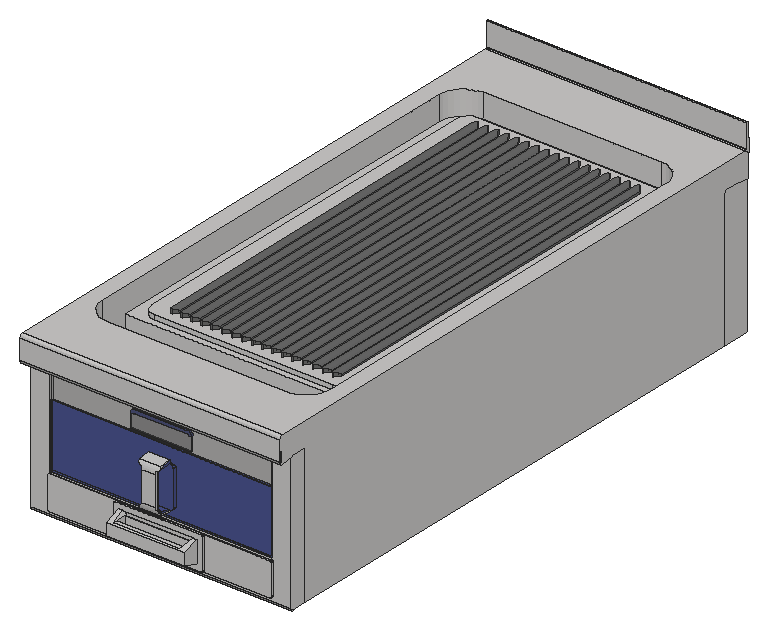
Revit family "QF_ELECTROLUXPROFESSIONAL_589097_MCHNABDOAO", category Specialty Equipment, Revit 2018
Family settings
  Round Connector Dimension = Use Diameter
  Part Type = Normal
  Work Plane-Based = No
  Always vertical = Yes
  Cut with Voids When Loaded = No
  Shared = No
  Room Calculation Point = No
Parameters
  Weight in Pounds = 152.1
  Watts = 5100 VA  # 5100 W
  Volts = 400 V  # constant formula
  URL Cutsheet = ""
  Type Mark [instance] = ""
  Status [instance] = ""
  Specification by User [instance] = ""
  Specification by Manufacturer = ""
  Show Clearance [instance] = yes
  Serial Number = ""
  Seismic Rating = ""
  SMACNA No = ""
  Revision Code [instance] = ""
  Phase = 3  # constant formula
  Omniclass Number and Title = ""
  Number of Poles [instance] = 1
  NAFEM Spec ID Number = ""
  Model = "589097"
  Min Ckt Ampacity = 0 A
  Max Overcurrent Protection = 0 A
  Masterspec = ""
  Manufacturer = "ELECTROLUX"
  Item Number [instance] = ""
  Installed By [instance] = ""
  Identify Quantity as Lot [instance] = yes
  HP = "6.8 HP"
  Furnished By [instance] = ""
  Foodservice Equipment Identifier [instance] = yes
  FL Amps [instance] = if(Phase = 3, Watts / (Volts * 1.73), Watts / Volts)  # 7.36994 A
  Electrical Remarks = "400 V/3N ph/50/60 Hz"  # constant formula
  Electric Connection Type [instance] = ""
  Elec Conn RI Height [instance] = 0 mm
  Elec Conn Connection Height [instance] = 0 mm
  Direct Waste Size = 0"
  Description = "EL.FRYTOP,RIBBED PL,1S,BSPL,400X900X250"
  Cycle [instance] = if([60 Hertz Option], 60 Hz, 50 Hz)  # 60 Hz
  Conn Plug = ""
  Conn Conduit = yes
  CSI MasterFormat = ""
  CSI Master Format = ""
  Apparent Power [instance] = if(Phase = 3, Volts * FL Amps * 1.73, Volts * FL Amps)  # 5100 VA
  60 Hertz Option [instance] = not([50 Hertz Option])  # yes
  50 Hertz Option [instance] = no
Reference planes
  plane 1 "BACK": y = 0
  plane 2: z = 0
  plane 3 "LEFT": x = 0
  plane 4 "RIGHT": x = 400
  plane 5 "FRONT": y = -900
  plane 6 "TOP": z = 250
  plane 7: x = 200
  plane 8: y = -450
  plane 9: y = -1330
Forms (mm)
  Extrusion 1, solid, material "QF_Finishes_Stainless Steel"
    sketch origin (0, -487.128, 0) x (0, 1, 0) y (0, 0, 1)
      loop
        line (483.128, 250) -> (-408.872, 250)
        arc (-408.872, 250) -> (-411.7, 248.828) -> (-412.872, 246) r 4
        line (-412.872, 246) -> (-412.872, 214)
        arc (-412.872, 214) -> (-411.443, 210.936) -> (-408.177, 210.061) r 4
        line (-408.177, 210.061) -> (-391.509, 213) -> (-366.872, 213) -> (-366.872, 0) -> (441.128, 0) -> (441.128, 213) -> (465.765, 213) -> (482.433, 210.061)
        arc (482.433, 210.061) -> (485.699, 210.936) -> (487.128, 214) r 4
        line (487.128, 214) -> (487.128, 246)
        arc (487.128, 246) -> (485.956, 248.828) -> (483.128, 250) r 4
    from 0 to 400
  Extrusion 2, void
    sketch origin (653.786, 44.048, 250) x (1, 0, 0) y (0, -1, 0)
      loop
        line (-590.636, 133.048) -> (-316.936, 133.048)
        arc (-316.936, 133.048) -> (-289.96, 144.222) -> (-278.786, 171.198) r 38.15
        line (-278.786, 171.198) -> (-278.786, 816.572)
        arc (-278.786, 816.572) -> (-290.056, 843.779) -> (-317.263, 855.048) r 38.476
        line (-317.263, 855.048) -> (-591.786, 855.048)
        arc (-591.786, 855.048) -> (-617.949, 844.211) -> (-628.786, 818.048) r 37
        line (-628.786, 818.048) -> (-628.786, 171.198)
        arc (-628.786, 171.198) -> (-617.613, 144.222) -> (-590.636, 133.048) r 38.15
    from 0 to 37
  Extrusion 3, void
    sketch origin (1307.573, 92.096, 213) x (0, 1, 0) y (1, 0, 0)
      loop
        line (-821.846, -932.573) -> (-864.62, -932.573)
        arc (-864.62, -932.573) -> (-891.827, -943.842) -> (-903.096, -971.049) r 38.476
        line (-903.096, -971.049) -> (-903.096, -1245.573)
        arc (-903.096, -1245.573) -> (-892.259, -1271.736) -> (-866.096, -1282.573) r 37
        line (-866.096, -1282.573) -> (-821.846, -1282.573) -> (-821.846, -932.573)
    from 0 to 25.6
  Extrusion 4, void
    sketch origin (1307.573, 92.096, 187.4) x (-1, 0, 0) y (0, 1, 0)
      loop
        circle (1212.573, -862.096) r 22.248
    from 0 to 92
  Extrusion 5, solid, material "QF_Finishes_Stainless Steel"
    sketch origin (0, -854, 0) x (1, 0, 0) y (0, -1, 0)
      loop
        circle (355, -169) r 6.35
    from 0 to 3.2
  Extrusion 6, solid, material "QF_Door-Drawer Clearances", visible <- "Show Clearance", detail levels coarse
    sketch origin (237.31, -881.593, 8.62) x (0, 0, 1) y (-1, 0, 0)
      loop
        line (1.973, -134.295) -> (49.317, -134.295)
        arc (49.317, -134.295) -> (50.776, -133.691) -> (51.38, -132.232) r 2.063
        line (51.38, -132.232) -> (51.38, 206.852)
        arc (51.38, 206.852) -> (50.88, 208.549) -> (49.541, 209.705) r 3.133
        line (49.541, 209.705) -> (3.067, 209.705)
        arc (3.067, 209.705) -> (0.898, 208.807) -> (0, 206.638) r 3.067
        line (0, 206.638) -> (0, -132.322)
        arc (0, -132.322) -> (0.578, -133.717) -> (1.973, -134.295) r 1.973
    from 0 to 448.407
  Extrusion 7, solid, material "QF_Finishes_Stainless Steel"
    sketch origin (0, 0, 0) x (0, 1, 0) y (0, 0, 1)
      loop
        line (-2.951, 2) -> (-2.951, 210.133)
        arc (-2.951, 210.133) -> (-3.795, 210.009) -> (-4.646, 210.066) r 4
        line (-4.646, 210.066) -> (-21.287, 213) -> (-45, 213) -> (-45, 0) -> (-4.951, 0)
        arc (-4.951, 0) -> (-3.537, 0.586) -> (-2.951, 2) r 2
      loop
        arc (-1.951, 252.006) -> (-2.537, 250.592) -> (-3.951, 250.006) r 2
        arc (-3.951, 250.006) -> (-1.172, 248.828) -> (0, 246) r 4
        line (0, 246) -> (0, 288.006) -> (-1.951, 288.006) -> (-1.951, 252.006)
    from 400 to 0
Cuts and joins
  Extrusion 2, Extrusion 3, Extrusion 4 cuts Extrusion 1
Lines and regions (mm)
  symbolic lines
    curve 1: line (215.881, -902.326, 0) -> (215.881, -900, 0)
    curve 2: spline (210.213, -903.73, 0) -> (210.691, -903.657, 0) -> (211.169, -903.575, 0) -> (211.646, -903.486, 0) -> (212.122, -903.389, 0) -> (212.597, -903.283, 0) -> (213.071, -903.17, 0) -> (213.543, -903.049, 0) -> (214.014, -902.92, 0) -> (214.483, -902.783, 0) -> (214.951, -902.638, 0) -> (215.417, -902.486, 0) -> (215.881, -902.326, 0)
    curve 3: line (183.666, -902.326, 0) -> (183.666, -900, 0)
    curve 4: spline (183.666, -902.326, 0) -> (184.13, -902.486, 0) -> (184.596, -902.638, 0) -> (185.064, -902.783, 0) -> (185.533, -902.92, 0) -> (186.004, -903.049, 0) -> (186.476, -903.17, 0) -> (186.95, -903.283, 0) -> (187.425, -903.389, 0) -> (187.901, -903.486, 0) -> (188.378, -903.575, 0) -> (188.856, -903.657, 0) -> (189.334, -903.73, 0)
    curve 5: line (210.213, -903.73, 0) -> (189.334, -903.73, 0)
    curve 6: line (25, -774, 0) -> (25, -127.15, 0)
    curve 7: arc (25, -127.15, 0) -> (36.174, -100.174, 0) -> (63.15, -89, 0) r 38.15
    curve 8: line (63.15, -89, 0) -> (336.85, -89, 0)
    curve 9: arc (336.85, -89, 0) -> (363.826, -100.174, 0) -> (375, -127.15, 0) r 38.15
    curve 10: line (375, -127.15, 0) -> (375, -772.524, 0)
    curve 11: arc (375, -772.524, 0) -> (363.731, -799.731, 0) -> (336.524, -811, 0) r 38.476
    curve 12: line (336.524, -811, 0) -> (62, -811, 0)
    curve 13: arc (62, -811, 0) -> (35.837, -800.163, 0) -> (25, -774, 0) r 37
    curve 14: line (375, -729.75, 0) -> (25, -729.75, 0)
    curve 15: circle (95, -770, 0) r 22.248 normal (0, 0, -1)
    curve 16: line (0, 0, 0) -> (400, 0, 0)
    curve 17: line (0, -900, 0) -> (0, 0, 0)
    curve 18: line (400, -900, 0) -> (0, -900, 0)
    curve 19: line (400, 0, 0) -> (400, -900, 0)
    curve 20: line (147.608, -908.767, 0) -> (250.042, -908.767, 0)
    curve 21: line (250.042, -908.767, 0) -> (251.588, -900, 0)
    curve 22: line (147.608, -908.767, 0) -> (146.062, -900, 0)
  symbolic lines, style "QF_Door-Drawer Clearances"
    curve 23: line (27.605, -1330, 0) -> (27.605, -900, 0)
    curve 24: line (27.605, -1330, 0) -> (371.605, -1330, 0)
    curve 25: line (371.605, -1330, 0) -> (371.605, -900, 0)
Dimensions and locks
  plane 3 "LEFT" to plane 4 "RIGHT" = 400 mm
  plane 5 "FRONT" to plane 1 "BACK" = 900 mm
  equal spacing: plane 3 "LEFT", plane 7, plane 4 "RIGHT"
  equal spacing: plane 5 "FRONT", plane 8, plane 1 "BACK"
  plane 6 "TOP" to level = 250 mm  (x2)
  plane 1 "BACK" to plane 5 "FRONT" = 900 mm
  Extrusion 5 sketch curve to plane 1 "BACK" = 685 mm
  Extrusion 5 sketch curve to plane 4 "RIGHT" = 45 mm
  plane 5 "FRONT" to plane 9 = 430 mm
  Extrusion 7 to plane 6 "TOP" = 38.006 mm
  Extrusion 7 to level = 288.006 mm
  plane 1 "BACK" to Extrusion 5 = 685 mm
  aligned and locked: level to plane 2
  aligned and locked: plane 7 to nested 1
  aligned and locked: Extrusion 6 to plane 9
  aligned and locked: Extrusion 7 to plane 4 "RIGHT"
Automatic sketch dimensions
  Extrusion 1 to Extrusion 2 sketch curve = 85 mm  (x2)
  Extrusion 1 to Extrusion 2 sketch curve = 122 mm
  Extrusion 1 to Extrusion 2 sketch curve = 25 mm
  Extrusion 2 sketch curve to Extrusion 2 sketch curve = 38.15 mm  (x2)
  Extrusion 1 to Extrusion 2 sketch curve = 123.476 mm
  Extrusion 2 sketch curve to Extrusion 2 sketch curve = 274.524 mm
  Extrusion 1 sketch curve to plane 5 "FRONT" = 0 mm
  Extrusion 1 sketch curve to plane 6 "TOP" = 0 mm
  Extrusion 1 sketch curve to level = 0 mm
  Extrusion 1 sketch curve to plane 1 "BACK" = 0 mm
  Extrusion 1 sketch curve to plane 6 "TOP" = 37 mm  (x2)
  Extrusion 1 sketch curve to plane 5 "FRONT" = 4 mm
  Extrusion 1 sketch curve to plane 5 "FRONT" = 21.363 mm
  Extrusion 1 sketch curve to plane 5 "FRONT" = 46 mm
  plane 1 "BACK" to Extrusion 1 sketch curve = 21.363 mm
  plane 1 "BACK" to Extrusion 1 sketch curve = 4 mm  (x2)
  Extrusion 1 sketch curve to Extrusion 1 sketch curve = 4 mm
  Extrusion 1 sketch curve to Extrusion 1 sketch curve = 0.695 mm
  Extrusion 1 sketch curve to Extrusion 1 sketch curve = 0 mm  (x4)
  plane 1 "BACK" to Extrusion 1 sketch curve = 4.695 mm
  Extrusion 1 sketch curve to Extrusion 1 sketch curve = 1 mm  (x2)
  plane 1 "BACK" to Extrusion 1 sketch curve = 46 mm
  Extrusion 3 sketch curve to Extrusion 2 = 81.25 mm
  Extrusion 2 to Extrusion 3 sketch curve = 0 mm  (x2)
  Extrusion 3 sketch curve to Extrusion 3 sketch curve = 37 mm
  Extrusion 3 sketch curve to Extrusion 3 sketch curve = 274.524 mm
  Extrusion 3 sketch curve to Extrusion 2 = 38.476 mm
  Extrusion 4 sketch curve to Extrusion 3 = 41 mm
  Extrusion 4 sketch curve to Extrusion 3 = 70 mm
  Extrusion 6 sketch curve to nested 1 = 1.973 mm
  Extrusion 6 sketch curve to nested 1 = 2.853 mm
  Extrusion 6 sketch curve to nested 1 = 1.839 mm
  plane 1 "BACK" to curve 16 = 0 mm
  curve 16 to plane 4 "RIGHT" = 0 mm
  curve 23 to plane 9 = 0 mm
  curve 17 to plane 3 "LEFT" = 0 mm
  plane 5 "FRONT" to curve 25 = 0 mm
  plane 4 "RIGHT" to curve 10 = 25 mm
  curve 10 to curve 8 = 38.15 mm
  curve 11 to curve 12 = 38.476 mm
  plane 5 "FRONT" to curve 1 = 2.326 mm
  plane 7 to curve 1 = 15.881 mm
  plane 5 "FRONT" to curve 5 = 3.73 mm
  curve 2 to curve 5 = 5.669 mm
  plane 5 "FRONT" to curve 21 = 8.767 mm
  curve 21 to curve 2 = 39.83 mm
  curve 20 to curve 5 = 60.708 mm
  plane 5 "FRONT" to curve 3 = 2.326 mm
  curve 5 to curve 3 = 5.669 mm
  plane 3 "LEFT" to curve 8 = 63.15 mm
  plane 3 "LEFT" to curve 12 = 62 mm
  plane 3 "LEFT" to curve 23 = 27.605 mm
  plane 3 "LEFT" to curve 6 = 25 mm
  plane 4 "RIGHT" to curve 25 = 28.395 mm
  curve 1 to curve 2 = 9.839 mm
  curve 2 to curve 4 = 12.538 mm
  curve 21 to curve 4 = 58.083 mm
  curve 15 to curve 13 = 33 mm
  plane 1 "BACK" to curve 8 = 89 mm
  curve 10 to plane 5 "FRONT" = 127.476 mm
  curve 14 to curve 13 = 44.25 mm
  curve 15 to curve 13 = 4 mm
  curve 2 to plane 5 "FRONT" = 39.101 mm
  curve 4 to curve 2 = 0 mm
  Extrusion 7 sketch curve to level = 0 mm
  Extrusion 7 sketch curve to plane 1 "BACK" = 0 mm  (x2)
  level to Extrusion 7 sketch curve = 2 mm
  Extrusion 7 sketch curve to plane 6 "TOP" = 0 mm
  plane 1 "BACK" to Extrusion 7 sketch curve = 1.951 mm
  plane 1 "BACK" to Extrusion 7 sketch curve = 2.951 mm
  Extrusion 7 sketch curve to Extrusion 7 sketch curve = 18.335 mm
  Extrusion 7 sketch curve to Extrusion 7 sketch curve = 40.049 mm
  Extrusion 7 sketch curve to Extrusion 7 sketch curve = 1.695 mm
  Extrusion 7 sketch curve to Extrusion 7 sketch curve = 0 mm  (x3)
  plane 1 "BACK" to Extrusion 7 sketch curve = 4 mm
  plane 1 "BACK" to Extrusion 7 sketch curve = 3.951 mm
  Extrusion 7 sketch curve to Extrusion 7 sketch curve = 2 mm
  Extrusion 7 sketch curve to Extrusion 7 sketch curve = 35.867 mm
  Extrusion 7 sketch curve to plane 6 "TOP" = 37 mm
  plane 6 "TOP" to Extrusion 7 sketch curve = 2.006 mm
  Extrusion 7 sketch curve to Extrusion 7 sketch curve = 36 mm
  Extrusion 7 sketch curve to Extrusion 7 sketch curve = 0.066 mm
  curve 22 to plane 7 = 52.392 mm
  curve 20 to curve 22 = 1.546 mm
  radius of Extrusion 4 sketch curve = 22.248 mm
  radius of Extrusion 5 sketch curve = 6.35 mm
  radius of Extrusion 6 sketch curve to nested 1 = 0 mm  (x2)
  radius of curve 15 = 22.248 mm
Nested families
  nested 1: "EG_900_400 Front Panel with Center Grease Trap" at (202.376, -854, -650), type "EG_900_400 Front Panel with Center Grease Trap"
  nested 2: "EG_900_400 mm Full Grate" at (200, -409.375, -675), type "EG_900_400 mm Full Grate"
Connectors
  electrical at (355, -685, -3.2), driven by "Volts", driven by "Watts"
    settings: on Extrusion 5, index 1, voltage 400 V, apparent load 5100 VA, apparent load phase1 0 VA, apparent load phase2 0 VA, apparent load phase3 0 VA, power factor 1, load classification "Other", number of poles 1, system type 30, power factor state 1, is connector primary yes, connector utility no, sub classification motor no, connector description "ELECTRICAL CONNECTION"
Definition of nested family "EG_900_400 Front Panel with Center Grease Trap"
  Reference planes
    plane 1 "Center (Front/Back)": y = 0
    plane 2: z = 0
    plane 3 "Center (Left/Right)": x = -2.376
    plane 4: x = -202.376
    plane 5: x = 197.624
  Forms (mm)
    Extrusion 1, solid
      sketch origin (833.217, 829.203, -1.25) x (0, 1, 0) y (0, 0, 1)
        loop
          arc (-854.203, 654.25) -> (-853.324, 652.129) -> (-851.203, 651.25) r 3
          line (-851.203, 651.25) -> (-829.203, 651.25) -> (-829.203, 864.25) -> (-854.203, 864.25) -> (-854.203, 654.25)
      from -1035.593 to -635.593
    Extrusion 2, void
      sketch origin (33.217, 829.203, -1.25) x (1, 0, 0) y (0, 0, 1)
        loop
          line (-207.593, 855.116) -> (-207.593, 713.116) -> (136.407, 713.116) -> (136.407, 855.116) -> (-207.593, 855.116)
      from 848.59 to 854.203
  Cuts and joins
    Extrusion 2 cuts Extrusion 1
  Dimensions and locks
    equal spacing: plane 5, plane 3 "Center (Left/Right)", plane 4
    plane 5 to plane 4 = 400 mm
    aligned and locked: cut or joined group of Extrusion 1, Extrusion 2 to plane 4
    aligned and locked: plane 5 to cut or joined group of Extrusion 1, Extrusion 2
    aligned and locked: plane 3 "Center (Left/Right)" to nested 2
    aligned and locked: cut or joined group of Extrusion 1, Extrusion 2 to nested 2
    aligned and locked: plane 3 "Center (Left/Right)" to nested 1
    aligned and locked: plane 3 "Center (Left/Right)" to nested 3
  Automatic sketch dimensions
    Extrusion 1 sketch curve to plane 1 "Center (Front/Back)" = 0 mm
    plane 1 "Center (Front/Back)" to Extrusion 1 sketch curve = 22 mm
    Extrusion 1 sketch curve to Extrusion 1 sketch curve = 3 mm
    level to Extrusion 1 sketch curve = 650 mm
    Extrusion 1 sketch curve to Extrusion 1 sketch curve = 210 mm
    plane 4 to Extrusion 2 sketch curve = 28 mm
    Extrusion 2 sketch curve to plane 5 = 28 mm
    level to Extrusion 2 sketch curve = 711.866 mm
    Extrusion 2 sketch curve to Extrusion 2 sketch curve = 142 mm
  Nested families
    nested 1: "Range Control Handle" at (-2.376, -28.137, -209.113) x (-1, 0, 0) z (0, 0, 1), type "Range Control Handle"
    nested 2: "glass conrol panel" at (-2.376, 280.644, 2.752), type "glass conrol panel"
    nested 3: "grease trap door" at (65.223, -25, 0.608) x (-1, 0, 0) z (0, 0, 1), type "grease trap door"
  Definition of nested family "Range Control Handle"
    Reference planes
      plane 1 "Center (Front/Back)": y = 0
      plane 2: z = 0
      plane 3 "Center (Left/Right)": x = 0
      plane 4: z = 971.092
    Forms (mm)
      Extrusion 1, solid
        sketch origin (-746.28, 380.497, 208.931) x (-1, 0, 0) y (0, 0, 1)
          loop
            line (-770.101, 786.798) -> (-770.101, 731.649)
            arc (-770.101, 731.649) -> (-769.759, 730.563) -> (-768.855, 729.87) r 1.893
            line (-768.855, 729.87) -> (-763.474, 727.911) -> (-729.81, 727.911) -> (-724.428, 729.87)
            arc (-724.428, 729.87) -> (-723.525, 730.563) -> (-723.183, 731.649) r 1.893
            line (-723.183, 731.649) -> (-723.183, 786.798)
            arc (-723.183, 786.798) -> (-723.529, 787.894) -> (-724.44, 788.593) r 1.91
            line (-724.44, 788.593) -> (-729.683, 790.819) -> (-763.601, 790.819) -> (-768.844, 788.593)
            arc (-768.844, 788.593) -> (-769.755, 787.894) -> (-770.101, 786.798) r 1.91
        from -382.35 to -378.852
      Sweep 2, solid
        path origin (-746.788, 380.496, 208.091) x (0, -1, 0) y (0, 0, 1)
          loop
            line (379.775, 793.281) -> (395.661, 791.048)
            arc (395.661, 791.048) -> (397.781, 787.377) -> (398.517, 783.202) r 12.207
            line (398.517, 783.202) -> (398.517, 737.368)
            arc (398.517, 737.368) -> (397.781, 733.193) -> (395.661, 729.522) r 12.207
            line (395.661, 729.522) -> (379.775, 727.289)
        profile origin (-746.788, -7.222, 1000.256) x (0, -0.139173, 0.990268) y (-1, 0, 0)
          loop
            line (0.782, -763.123) -> (0.782, -730.907) -> (-1.322, -730.907) -> (-1.322, -763.123) -> (0.782, -763.123)
      Sweep 3, solid
        path origin (-746.788, 380.715, 207.832) x (0, -1, 0) y (0, 0, 1)
          loop
            line (380.478, 795.442) -> (397.218, 793.09)
            arc (397.218, 793.09) -> (399.929, 788.473) -> (400.871, 783.202) r 15.207
            line (400.871, 783.202) -> (400.871, 737.584)
            arc (400.871, 737.584) -> (399.914, 732.274) -> (397.164, 727.633) r 15.207
            line (397.164, 727.633) -> (380.601, 725.305)
        profile origin (-746.788, -8.132, 1002.099) x (0, -0.139173, 0.990268) y (-1, 0, 0)
          loop
            line (0.782, -763.123) -> (0.782, -730.907) -> (-1.322, -730.907) -> (-1.322, -763.123) -> (0.782, -763.123)
      Extrusion 4, void
        sketch origin (889.253, 220.666, 207.993) x (1, 0, 0) y (0, 0, 1)
          loop
            line (-943.038, 816.854) -> (-943.038, 703.686) -> (-899.466, 734.196) -> (-899.466, 786.344) -> (-943.038, 816.854)
        from 230.636 to 242.25
      Extrusion 5, void
        sketch origin (-888.8, 220.666, 207.993) x (-1, 0, 0) y (0, 0, -1)
          loop
            line (-943.038, -816.854) -> (-899.466, -786.344) -> (-899.466, -734.196) -> (-943.038, -703.686) -> (-943.038, -816.854)
        from 230.636 to 242.25
      Extrusion 6, solid
        sketch origin (0, 0, 0) x (1, 0, 0) y (0, 0, 1)
          loop
            circle (0, 971.092) r 7.736
        from -3.137 to -1.645
    Cuts and joins
      Extrusion 4, Extrusion 5 cuts Sweep 3
      Extrusion 4, Extrusion 5 cuts Sweep 2
      joined: Extrusion 1, Extrusion 6
    Lines and regions (mm)
      symbolic lines
        curve 1: line (23.821, 1.645, 0) -> (-23.097, 1.645, 0)
        curve 2: line (16.334, -1.853, 0) -> (23.821, -1.853, 0)
        curve 3: line (-15.881, -19.189, 0) -> (-15.881, -1.853, 0)
        curve 4: line (-23.097, -1.853, 0) -> (-15.881, -1.853, 0)
        curve 5: line (16.334, -19.189, 0) -> (16.334, -1.853, 0)
        curve 6: spline (-15.881, -19.189, 0) -> (-15.417, -19.349, 0) -> (-14.951, -19.501, 0) -> (-14.483, -19.646, 0) -> (-14.014, -19.783, 0) -> (-13.543, -19.912, 0) -> (-13.071, -20.033, 0) -> (-12.597, -20.146, 0) -> (-12.122, -20.251, 0) -> (-11.646, -20.349, 0) -> (-11.169, -20.438, 0) -> (-10.691, -20.52, 0) -> (-10.213, -20.593, 0)
        curve 7: spline (10.666, -20.593, 0) -> (11.144, -20.52, 0) -> (11.622, -20.438, 0) -> (12.099, -20.349, 0) -> (12.575, -20.251, 0) -> (13.05, -20.146, 0) -> (13.524, -20.033, 0) -> (13.996, -19.912, 0) -> (14.467, -19.783, 0) -> (14.936, -19.646, 0) -> (15.404, -19.501, 0) -> (15.87, -19.349, 0) -> (16.334, -19.189, 0)
        curve 8: line (-10.213, -20.938, 0) -> (10.716, -20.938, 0)
        curve 9: line (-23.097, 1.645, 0) -> (-23.097, -1.853, 0)
        curve 10: line (23.821, 1.645, 0) -> (23.821, -1.853, 0)
  Definition of nested family "glass conrol panel"
    Reference planes
      plane 1 "Center (Front/Back)": y = 0
      plane 2: z = 0
      plane 3 "Center (Left/Right)": x = 0
    Forms (mm)
      Extrusion 1, solid
        sketch origin (378.286, 0, 0.617) x (1, 0, 0) y (0, 0, 1)
          loop
            line (-550.286, 806.791) -> (-550.286, 708.497) -> (-206.286, 708.497) -> (-206.286, 806.791) -> (-550.286, 806.791)
        from 300.031 to 304.8
      Extrusion 2, solid
        sketch origin (378.286, 0, 0.617) x (1, 0, 0) y (0, 0, 1)
          loop
            line (-550.286, 850.497) -> (-550.286, 806.791) -> (-206.286, 806.791) -> (-206.286, 850.497) -> (-550.286, 850.497)
        from 300.031 to 304.8
      Extrusion 3, void
        sketch origin (378.286, 0, 0.617) x (1, 0, 0) y (0, 0, 1)
          loop
            line (-547.628, 847.565) -> (-547.628, 710.699) -> (-209.196, 710.699) -> (-209.196, 847.565) -> (-547.628, 847.565)
        from 303.697 to 304.8
      Extrusion 4, solid
        sketch origin (-308.309, 1.101, -0.633) x (-1, 0, 0) y (0, 0, -1)
          loop
            line (-261.431, -812.62) -> (-355.186, -812.62) -> (-355.186, -834.177) -> (-350.269, -834.177) -> (-348.469, -835.977) -> (-268.039, -835.977) -> (-266.24, -834.177) -> (-261.431, -834.177) -> (-261.431, -812.62)
        from 304.798 to 306.745
      Extrusion 5, solid
        sketch origin (-308.309, 1.101, -0.633) x (-1, 0, 0) y (0, 0, -1)
          loop
            line (-350.269, -834.177) -> (-355.078, -834.177)
            arc (-355.078, -834.177) -> (-353.942, -838.747) -> (-349.686, -840.763) r 5.5
            line (-349.686, -840.763) -> (-266.98, -840.763)
            arc (-266.98, -840.763) -> (-262.706, -838.752) -> (-261.529, -834.177) r 5.549
            line (-261.529, -834.177) -> (-266.24, -834.177) -> (-268.039, -835.977) -> (-348.469, -835.977) -> (-350.269, -834.177)
        from 304.798 to 306.745
    Cuts and joins
      Extrusion 3 cuts Extrusion 1
      Extrusion 3 cuts Extrusion 2
    Dimensions and locks
      aligned and locked: Extrusion 1 to Extrusion 2
      aligned and locked: Extrusion 5 sketch curve to Extrusion 4  (x5)
      aligned and locked: Extrusion 5 to Extrusion 4
  Definition of nested family "grease trap door"
    Reference planes
      plane 1 "Center (Front/Back)": y = 0
      plane 2: z = 0
      plane 3 "Center (Left/Right)": x = 0
    Forms (mm)
      Extrusion 1, solid
        sketch origin (1627.55, 854.203, -1.25) x (1, 0, 0) y (0, 0, 1)
          loop
            arc (-1627.55, 661.235) -> (-1626.972, 659.84) -> (-1625.577, 659.262) r 1.973
            line (-1625.577, 659.262) -> (-1494.325, 659.262)
            arc (-1494.325, 659.262) -> (-1492.156, 660.16) -> (-1491.258, 662.329) r 3.067
            line (-1491.258, 662.329) -> (-1491.258, 708.803)
            arc (-1491.258, 708.803) -> (-1492.414, 710.143) -> (-1494.111, 710.642) r 3.133
            line (-1494.111, 710.642) -> (-1625.486, 710.642)
            arc (-1625.486, 710.642) -> (-1626.945, 710.038) -> (-1627.55, 708.579) r 2.063
            line (-1627.55, 708.579) -> (-1627.55, 661.235)
        from 856.795 to 859.203
      Extrusion 2, solid
        sketch origin (445.874, 2476.61, 0) x (0, 1, 0) y (0, 0, 1)
          loop
            line (-2506.377, 675.273) -> (-2481.61, 667.505) -> (-2481.61, 700.995) -> (-2506.377, 693.227) -> (-2506.377, 675.273)
        from -437.68 to -317.68
      Extrusion 3, void
        sketch origin (1627.55, 854.203, -1.25) x (1, 0, 0) y (0, 0, 1)
          loop
            line (-1614.883, 703) -> (-1610.542, 695.433) -> (-1508.17, 695.433) -> (-1503.828, 703) -> (-1614.883, 703)
          loop
            line (-1614.883, 668) -> (-1502.669, 668) -> (-1507.01, 675.567) -> (-1610.542, 675.567) -> (-1614.883, 668)
        from 832.916 to 883.97
      Extrusion 4, void
        sketch origin (447.55, 854.203, -1.25) x (1, 0, 0) y (0, 0, 1)
          loop
            line (-430.542, 695.433) -> (-430.542, 675.567) -> (-328.17, 675.567) -> (-328.17, 695.433) -> (-430.542, 695.433)
        from 859.203 to 874.202
      Extrusion 5, solid
        sketch origin (1627.55, 854.203, -1.25) x (1, 0, 0) y (0, 0, 1)
          loop
            arc (-1731.556, 661.235) -> (-1730.978, 659.84) -> (-1729.583, 659.262) r 1.973
            line (-1729.583, 659.262) -> (-1390.623, 659.262)
            arc (-1390.623, 659.262) -> (-1388.454, 660.16) -> (-1387.556, 662.329) r 3.067
            line (-1387.556, 662.329) -> (-1387.556, 708.803)
            arc (-1387.556, 708.803) -> (-1388.712, 710.143) -> (-1390.409, 710.642) r 3.133
            line (-1390.409, 710.642) -> (-1729.493, 710.642)
            arc (-1729.493, 710.642) -> (-1730.952, 710.038) -> (-1731.556, 708.579) r 2.063
            line (-1731.556, 708.579) -> (-1731.556, 661.235)
        from 854.203 to 856.795
    Cuts and joins
      Extrusion 3 cuts Extrusion 1
      Extrusion 3, Extrusion 4 cuts Extrusion 2
      joined: Extrusion 1, Extrusion 2
    Lines and regions (mm)
      symbolic lines
        curve 1: line (0, -2.593, 0) -> (136.292, -2.593, 0)
        curve 2: line (17.557, -29.767, 0) -> (12.667, -2.593, 0)
        curve 3: line (17.557, -29.767, 0) -> (119.991, -29.767, 0)
        curve 4: line (119.991, -29.767, 0) -> (124.881, -2.593, 0)
        curve 5: line (68.146, -2.593, 0) -> (68.146, -29.767, 0)
      model lines
        curve 6: line (67.599, 0, 658.012) -> (67.599, 0, 709.392)
    Dimensions and locks
      aligned and locked: Extrusion 2 to Extrusion 1
      aligned and locked: Extrusion 3 to Extrusion 2
      aligned and locked: Extrusion 4 to Extrusion 1
Definition of nested family "EG_900_400 mm Full Grate"
  Parameters
    Length = 262 mm
    Array = Length / 15 mm  # 17
  Reference planes
    plane 1: z = 0
    plane 2 "Center (Left/Right)": x = 0
    plane 3: z = 900
    plane 4: z = 888
    plane 5: x = -175
    plane 6: x = 135
    plane 7: x = -151
    plane 8: x = 131
  Forms (mm)
    Extrusion 1, solid
      sketch origin (653.786, 467.26, 0) x (1, 0, 0) y (0, 1, 0)
        loop
          line (-808.786, -175.198) -> (-808.786, -760.472)
          arc (-808.786, -760.472) -> (-803.807, -772.493) -> (-791.786, -777.472) r 17
          line (-791.786, -777.472) -> (-516.936, -777.472)
          arc (-516.936, -777.472) -> (-504.102, -772.156) -> (-498.786, -759.322) r 18.15
          line (-498.786, -759.322) -> (-498.786, -175.198)
          arc (-498.786, -175.198) -> (-504.102, -162.364) -> (-516.936, -157.048) r 18.15
          line (-516.936, -157.048) -> (-790.636, -157.048)
          arc (-790.636, -157.048) -> (-803.47, -162.364) -> (-808.786, -175.198) r 18.15
      from 888 to 894.474
  Lines and regions (mm)
    symbolic lines
      curve 1: line (-131, 286.484, 0) -> (-124.5, 295.767, 0)
      curve 2: line (-124.5, 295.767, 0) -> (-118, 286.484, 0)
      curve 3: line (-118, -286.484, 0) -> (-118, 286.484, 0)
      curve 4: line (-131, 286.484, 0) -> (-131, -286.484, 0)
      curve 5: line (-124.5, -295.767, 0) -> (-131, -286.484, 0)
      curve 6: line (-118, -286.484, 0) -> (-124.5, -295.767, 0)
      curve 7: line (136.85, 310.212, 0) -> (-136.85, 310.212, 0)
      curve 8: arc (-136.85, 310.212, 0) -> (-149.684, 304.896, 0) -> (-155, 292.062, 0) r 18.15
      curve 9: line (-155, 292.062, 0) -> (-155, -293.212, 0)
      curve 10: arc (-155, -293.212, 0) -> (-150.021, -305.233, 0) -> (-138, -310.212, 0) r 17
      curve 11: line (-138, -310.212, 0) -> (136.85, -310.212, 0)
      curve 12: arc (136.85, -310.212, 0) -> (149.684, -304.896, 0) -> (155, -292.062, 0) r 18.15
      curve 13: line (155, -292.062, 0) -> (155, 292.062, 0)
      curve 14: arc (155, 292.062, 0) -> (149.684, 304.896, 0) -> (136.85, 310.212, 0) r 18.15
      curve 15: line (118, 286.484, 0) -> (124.5, 295.767, 0)
      curve 16: line (124.5, 295.767, 0) -> (131, 286.484, 0)
      curve 17: line (131, -286.484, 0) -> (131, 286.484, 0)
      curve 18: line (118, 286.484, 0) -> (118, -286.484, 0)
      curve 19: line (124.5, -295.767, 0) -> (118, -286.484, 0)
      curve 20: line (131, -286.484, 0) -> (124.5, -295.767, 0)
      curve 21: line (-115.438, 286.484, 0) -> (-108.938, 295.767, 0)
      curve 22: line (-108.938, 295.767, 0) -> (-102.438, 286.484, 0)
      curve 23: line (-102.438, -286.484, 0) -> (-102.438, 286.484, 0)
      curve 24: line (-115.438, 286.484, 0) -> (-115.438, -286.484, 0)
      curve 25: line (-108.938, -295.767, 0) -> (-115.438, -286.484, 0)
      curve 26: line (-102.438, -286.484, 0) -> (-108.938, -295.767, 0)
      curve 27: line (-99.875, 286.484, 0) -> (-93.375, 295.767, 0)
      curve 28: line (-93.375, 295.767, 0) -> (-86.875, 286.484, 0)
      curve 29: line (-86.875, -286.484, 0) -> (-86.875, 286.484, 0)
      curve 30: line (-99.875, 286.484, 0) -> (-99.875, -286.484, 0)
      curve 31: line (-93.375, -295.767, 0) -> (-99.875, -286.484, 0)
      curve 32: line (-86.875, -286.484, 0) -> (-93.375, -295.767, 0)
      curve 33: line (-84.313, 286.484, 0) -> (-77.813, 295.767, 0)
      curve 34: line (-77.813, 295.767, 0) -> (-71.313, 286.484, 0)
      curve 35: line (-71.313, -286.484, 0) -> (-71.313, 286.484, 0)
      curve 36: line (-84.313, 286.484, 0) -> (-84.313, -286.484, 0)
      curve 37: line (-77.813, -295.767, 0) -> (-84.313, -286.484, 0)
      curve 38: line (-71.313, -286.484, 0) -> (-77.813, -295.767, 0)
      curve 39: line (-68.75, 286.484, 0) -> (-62.25, 295.767, 0)
      curve 40: line (-62.25, 295.767, 0) -> (-55.75, 286.484, 0)
      curve 41: line (-55.75, -286.484, 0) -> (-55.75, 286.484, 0)
      curve 42: line (-68.75, 286.484, 0) -> (-68.75, -286.484, 0)
      curve 43: line (-62.25, -295.767, 0) -> (-68.75, -286.484, 0)
      curve 44: line (-55.75, -286.484, 0) -> (-62.25, -295.767, 0)
      curve 45: line (-53.188, 286.484, 0) -> (-46.688, 295.767, 0)
      curve 46: line (-46.688, 295.767, 0) -> (-40.188, 286.484, 0)
      curve 47: line (-40.188, -286.484, 0) -> (-40.188, 286.484, 0)
      curve 48: line (-53.188, 286.484, 0) -> (-53.188, -286.484, 0)
      curve 49: line (-46.688, -295.767, 0) -> (-53.188, -286.484, 0)
      curve 50: line (-40.188, -286.484, 0) -> (-46.688, -295.767, 0)
      curve 51: line (-37.625, 286.484, 0) -> (-31.125, 295.767, 0)
      curve 52: line (-31.125, 295.767, 0) -> (-24.625, 286.484, 0)
      curve 53: line (-24.625, -286.484, 0) -> (-24.625, 286.484, 0)
      curve 54: line (-37.625, 286.484, 0) -> (-37.625, -286.484, 0)
      curve 55: line (-31.125, -295.767, 0) -> (-37.625, -286.484, 0)
      curve 56: line (-24.625, -286.484, 0) -> (-31.125, -295.767, 0)
      curve 57: line (-22.063, 286.484, 0) -> (-15.563, 295.767, 0)
      curve 58: line (-15.563, 295.767, 0) -> (-9.063, 286.484, 0)
      curve 59: line (-9.063, -286.484, 0) -> (-9.063, 286.484, 0)
      curve 60: line (-22.063, 286.484, 0) -> (-22.063, -286.484, 0)
      curve 61: line (-15.563, -295.767, 0) -> (-22.063, -286.484, 0)
      curve 62: line (-9.063, -286.484, 0) -> (-15.563, -295.767, 0)
      curve 63: line (-6.5, 286.484, 0) -> (0, 295.767, 0)
      curve 64: line (0, 295.767, 0) -> (6.5, 286.484, 0)
      curve 65: line (6.5, -286.484, 0) -> (6.5, 286.484, 0)
      curve 66: line (-6.5, 286.484, 0) -> (-6.5, -286.484, 0)
      curve 67: line (0, -295.767, 0) -> (-6.5, -286.484, 0)
      curve 68: line (6.5, -286.484, 0) -> (0, -295.767, 0)
      curve 69: line (9.062, 286.484, 0) -> (15.562, 295.767, 0)
      curve 70: line (15.562, 295.767, 0) -> (22.062, 286.484, 0)
      curve 71: line (22.062, -286.484, 0) -> (22.062, 286.484, 0)
      curve 72: line (9.062, 286.484, 0) -> (9.062, -286.484, 0)
      curve 73: line (15.562, -295.767, 0) -> (9.062, -286.484, 0)
      curve 74: line (22.062, -286.484, 0) -> (15.562, -295.767, 0)
      curve 75: line (24.625, 286.484, 0) -> (31.125, 295.767, 0)
      curve 76: line (31.125, 295.767, 0) -> (37.625, 286.484, 0)
      curve 77: line (37.625, -286.484, 0) -> (37.625, 286.484, 0)
      curve 78: line (24.625, 286.484, 0) -> (24.625, -286.484, 0)
      curve 79: line (31.125, -295.767, 0) -> (24.625, -286.484, 0)
      curve 80: line (37.625, -286.484, 0) -> (31.125, -295.767, 0)
      curve 81: line (40.187, 286.484, 0) -> (46.687, 295.767, 0)
      curve 82: line (46.687, 295.767, 0) -> (53.188, 286.484, 0)
      curve 83: line (53.188, -286.484, 0) -> (53.188, 286.484, 0)
      curve 84: line (40.187, 286.484, 0) -> (40.187, -286.484, 0)
      curve 85: line (46.687, -295.767, 0) -> (40.187, -286.484, 0)
      curve 86: line (53.188, -286.484, 0) -> (46.687, -295.767, 0)
      curve 87: line (55.75, 286.484, 0) -> (62.25, 295.767, 0)
      curve 88: line (62.25, 295.767, 0) -> (68.75, 286.484, 0)
      curve 89: line (68.75, -286.484, 0) -> (68.75, 286.484, 0)
      curve 90: line (55.75, 286.484, 0) -> (55.75, -286.484, 0)
      curve 91: line (62.25, -295.767, 0) -> (55.75, -286.484, 0)
      curve 92: line (68.75, -286.484, 0) -> (62.25, -295.767, 0)
      curve 93: line (71.312, 286.484, 0) -> (77.812, 295.767, 0)
      curve 94: line (77.812, 295.767, 0) -> (84.313, 286.484, 0)
      curve 95: line (84.313, -286.484, 0) -> (84.313, 286.484, 0)
      curve 96: line (71.312, 286.484, 0) -> (71.312, -286.484, 0)
      curve 97: line (77.812, -295.767, 0) -> (71.312, -286.484, 0)
      curve 98: line (84.313, -286.484, 0) -> (77.812, -295.767, 0)
      curve 99: line (86.875, 286.484, 0) -> (93.375, 295.767, 0)
      curve 100: line (93.375, 295.767, 0) -> (99.875, 286.484, 0)
      curve 101: line (99.875, -286.484, 0) -> (99.875, 286.484, 0)
      curve 102: line (86.875, 286.484, 0) -> (86.875, -286.484, 0)
      curve 103: line (93.375, -295.767, 0) -> (86.875, -286.484, 0)
      curve 104: line (99.875, -286.484, 0) -> (93.375, -295.767, 0)
      curve 105: line (102.438, 286.484, 0) -> (108.938, 295.767, 0)
      curve 106: line (108.938, 295.767, 0) -> (115.438, 286.484, 0)
      curve 107: line (115.438, -286.484, 0) -> (115.438, 286.484, 0)
      curve 108: line (102.438, 286.484, 0) -> (102.438, -286.484, 0)
      curve 109: line (108.938, -295.767, 0) -> (102.438, -286.484, 0)
      curve 110: line (115.438, -286.484, 0) -> (108.938, -295.767, 0)
  Dimensions and locks
    plane 3 to level = 900 mm
    plane 3 to plane 4 = 12 mm
    plane 5 to plane 6 = 310 mm
    aligned and locked: Extrusion 1 to nested 1
  Nested families
    nested 1: "Grate for Griddle" at (-124.5, 0, 11.99), type "Grate for Griddle"
    nested 2: "Grate for Griddle" at (124.5, 0, 11.99), type "Grate for Griddle"
    nested 3: "Grate for Griddle" at (-108.938, 0, 11.99), type "Grate for Griddle"
    nested 4: "Grate for Griddle" at (-93.375, 0, 11.99), type "Grate for Griddle"
    nested 5: "Grate for Griddle" at (-77.813, 0, 11.99), type "Grate for Griddle"
    nested 6: "Grate for Griddle" at (-62.25, 0, 11.99), type "Grate for Griddle"
    nested 7: "Grate for Griddle" at (-46.688, 0, 11.99), type "Grate for Griddle"
    nested 8: "Grate for Griddle" at (-31.125, 0, 11.99), type "Grate for Griddle"
    nested 9: "Grate for Griddle" at (-15.563, 0, 11.99), type "Grate for Griddle"
    nested 10: "Grate for Griddle" at (0, 0, 11.99), type "Grate for Griddle"
    nested 11: "Grate for Griddle" at (15.562, 0, 11.99), type "Grate for Griddle"
    nested 12: "Grate for Griddle" at (31.125, 0, 11.99), type "Grate for Griddle"
    nested 13: "Grate for Griddle" at (46.687, 0, 11.99), type "Grate for Griddle"
    nested 14: "Grate for Griddle" at (62.25, 0, 11.99), type "Grate for Griddle"
    nested 15: "Grate for Griddle" at (77.812, 0, 11.99), type "Grate for Griddle"
    nested 16: "Grate for Griddle" at (93.375, 0, 11.99), type "Grate for Griddle"
    nested 17: "Grate for Griddle" at (108.938, 0, 11.99), type "Grate for Griddle"
  Definition of nested family "Grate for Griddle"
    Reference planes
      plane 1 "Center (Front/Back)": y = 0
      plane 2: z = 0
      plane 3 "Center (Left/Right)": x = 0
      plane 4: x = -5.214
      plane 5: x = 7.786
      plane 6: y = 294
      plane 7: y = -294
    Forms (mm)
      Extrusion 1, solid
        sketch origin (1322.686, 294, -6.066) x (1, 0, 0) y (0, 0, 1)
          loop
            line (-1316.186, 888.55) -> (-1316.186, 890.55)
            arc (-1316.186, 890.55) -> (-1322.686, 894.177) -> (-1329.186, 890.55) r 7.638
            line (-1329.186, 890.55) -> (-1329.186, 888.55) -> (-1316.186, 888.55)
        from 0 to 588
      Extrusion 2, void
        sketch origin (0, 0, 0) x (1, 0, 0) y (0, 1, 0)
          loop
            line (-1.237, 294) -> (-6.5, 294) -> (-6.5, 286.484) -> (-1.237, 294)
          loop
            line (1.237, 294) -> (6.5, 286.484) -> (6.5, 294) -> (1.237, 294)
          loop
            line (-1.237, -294) -> (-6.5, -286.484) -> (-6.5, -294) -> (-1.237, -294)
          loop
            line (1.237, -294) -> (6.5, -294) -> (6.5, -286.484) -> (1.237, -294)
        from 878.991 to 892.372
    Cuts and joins
      Extrusion 2 cuts Extrusion 1
    Lines and regions (mm)
      symbolic lines
        curve 1: line (6.5, -286.484, 0) -> (6.5, 286.484, 0)
        curve 2: line (6.5, -286.484, 0) -> (1.237, -294, 0)
        curve 3: line (-1.237, -294, 0) -> (-6.5, -286.484, 0)
        curve 4: line (-6.5, 286.484, 0) -> (-6.5, -286.484, 0)
        curve 5: line (-6.5, 286.484, 0) -> (-1.237, 294, 0)
        curve 6: line (1.237, 294, 0) -> (6.5, 286.484, 0)
    Dimensions and locks
      plane 6 to plane 7 = 588 mm
      aligned and locked: Extrusion 1 to plane 7
      aligned and locked: plane 6 to Extrusion 1
      aligned and locked: curve 1 to cut or joined group of Extrusion 1, Extrusion 2
      aligned and locked: curve 2 to cut or joined group of Extrusion 1, Extrusion 2
      aligned and locked: curve 3 to cut or joined group of Extrusion 1, Extrusion 2
      aligned and locked: curve 4 to cut or joined group of Extrusion 1, Extrusion 2
      aligned and locked: curve 5 to cut or joined group of Extrusion 1, Extrusion 2
      aligned and locked: curve 6 to cut or joined group of Extrusion 1, Extrusion 2
